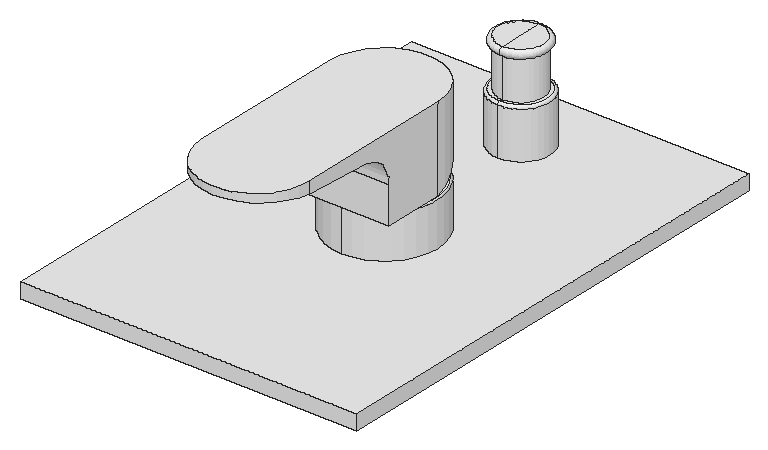
Revit family "Mixer-Bath Shower-Caroma Track with Diverter", category Plumbing Fixtures, host Face, Revit 2014
Parameters (values of type "Standard")
  Width_ANZRS = 58 mm  # constant formula
  Waste Connection = no
  WELSRating_ANZRS = ""
  Vent Connection = no
  URL = "http://specify.caroma.com.au/products/mixer-taps/track/track-bath-shower-mixer-with-diverter"
  Type Comments = "Caroma Track Bath/Shower Mixer with Diverter"  # constant formula
  ModifiedIssue_ANZRS = 20150112.01  # constant formula
  Model = "90204C"  # constant formula
  Material_ANZRS = Metal-Chrome-Caroma
  Manufacturer = "GWA Bathrooms & Kitchens"  # constant formula
  Length_ANZRS = 132 mm  # constant formula
  Height_ANZRS = 192 mm  # constant formula
  HWFU = 3
  HW Connection = yes
  Description = "New Track mixers and showers from Australia's leading bathroom brand will lift the feel of any bathroom. Choose the clean, contemporary European design without the European price."  # constant formula
  Default Elevation = 1000 mm
  CreatedBy_ANZRS = "Design Content"  # constant formula
  CreatedByURL_ANZRS = "http://www.designcontent.com.au"
  Cost = 0
  Connector Radius = 10 mm
  CWFU = 3
  CW Connection = yes
  Assembly Code = "C1030210"
Reference planes
  plane 1 "Center (Front/Back)": y = 0
  plane 2: z = 0
  plane 3 "Center (Left/Right)": x = 0
  plane 4 "Left": x = -66
  plane 5 "Right": x = 66
  plane 6 "Top": y = 96.003
  plane 7 "Bottom": y = -95.997
Forms (mm)
  Extrusion 1, solid, material "Metal-Chrome-Caroma" <- "Material_ANZRS"
    sketch origin (17.071, -2.929, 0) x (1, 0, 0) y (0, 1, 0)
      loop
        circle (-7.071, -7.071) r 10
    from -20 to 0
  Extrusion 2, solid, material "Metal-Chrome-Caroma" <- "Material_ANZRS"
    sketch origin (-17.071, -17.071, 0) x (-1, 0, 0) y (0, -1, 0)
      loop
        circle (-7.071, -7.071) r 10
    from -20 to 0
  Extrusion 3, solid, material "Metal-Chrome-Caroma" <- "Material_ANZRS"
    sketch origin (-17.071, 2.929, 0) x (-1, 0, 0) y (0, -1, 0)
      loop
        circle (-7.071, -7.071) r 10
    from -20 to 0
  Extrusion 4, solid, material "Metal-Chrome-Caroma" <- "Material_ANZRS"
    sketch origin (2.929, 2.929, 0) x (-1, 0, 0) y (0, -1, 0)
      loop
        circle (-7.071, -7.071) r 10
    from -20 to 0
  Revolve 5, solid, material "Metal-Chrome-Caroma" <- "Material_ANZRS"
    sketch origin (0, 0, 0) x (0, 1, 0) y (0, 0, 1)
      loop
        arc (75.966, 41.122) -> (77.466, 42.622) -> (75.966, 44.122) r 1.5
        line (75.966, 44.122) -> (66.987, 44.122) -> (66.987, 5.982) -> (78.358, 5.982) -> (78.358, 24.498)
        arc (78.358, 24.498) -> (78.065, 25.205) -> (77.358, 25.498) r 1
        line (77.358, 25.498) -> (75.966, 25.498) -> (75.966, 41.122)
      axis (66.987, 5.982) -> (66.987, 44.122)
    angle from 0 to 360
  Revolve 6, solid, material "Metal-Chrome-Caroma" <- "Material_ANZRS"
    sketch origin (0, 0, 0) x (0, 1, 0) y (0, 0, 1)
      loop
        line (0, 6) -> (20.95, 6) -> (20.95, 22.998)
        arc (20.95, 22.998) -> (20.803, 23.351) -> (20.45, 23.498) r 0.5
        line (20.45, 23.498) -> (18.466, 23.498)
        arc (18.466, 23.498) -> (17.035, 29.979) -> (13.24, 35.425) r 17.076
        line (13.24, 35.425) -> (0, 35.425) -> (0, 6)
      axis (0, 35.425) -> (0, 6)
    angle from 0 to 360
  Extrusion 7, void
    sketch origin (0, 0, -108.233) x (0, 1, 0) y (0, 0, 1)
      loop
        line (22.981, 143.315) -> (-1.037, 132.117) -> (22.981, 132.117) -> (22.981, 143.315)
      loop
        line (-23.997, 129.949) -> (-23.997, 147.279)
        arc (-23.997, 147.279) -> (-27.221, 155.463) -> (-35.16, 159.249) r 12
        line (-35.16, 159.249) -> (-85.742, 162.786) -> (-85.742, 129.949) -> (-23.997, 129.949)
    from -50 to 50
  Extrusion 8, solid, material "Metal-Chrome-Caroma" <- "Material_ANZRS"
    sketch origin (0, 0, 0) x (1, 0, 0) y (0, 1, 0)
      loop
        line (-66, 96.003) -> (-66, -95.997) -> (66, -95.997) -> (66, 96.003) -> (-66, 96.003)
    from 0 to 5.982
  Extrusion 9, solid, material "Metal-Chrome-Caroma" <- "Material_ANZRS"
    sketch origin (0, -0.019, -122.5) x (1, 0, 0) y (0, 1, 0)
      loop
        arc (-21, -62.979) -> (0, -83.979) -> (21, -62.979) r 21
        line (21, -62.979) -> (21, 0.019)
        arc (21, 0.019) -> (0, 21.019) -> (-21, 0.019) r 21
        line (-21, 0.019) -> (-21, -62.979)
    from 146.867 to 179.867
  Revolve 10, solid, material "Metal-Chrome-Caroma" <- "Material_ANZRS", detail levels fine
    sketch origin (0, 0, 0) x (0, 1, 0) y (0, 0, 1)
      loop
        line (-25.113, 39.398) -> (-24.002, 39.398) -> (-24.002, 43.404)
        arc (-24.002, 43.404) -> (-24.83, 41.476) -> (-25.113, 39.398) r 7.78
      axis (-25.113, 39.398) -> (-24.002, 39.398)
    angle from 0 to 360
Cuts and joins
  Extrusion 7 cuts Extrusion 9
  joined: Revolve 5, Revolve 6, Extrusion 8, Extrusion 9
Lines and regions (mm)
  Masking region 1
    outline origin (0, 0, 0) x (1, 0, 0) y (0, 1, 0)
      loop
        line (-66, 96.003) -> (-66, -95.997) -> (66, -95.997) -> (66, 96.003) -> (-66, 96.003)
  Masking region 2
    outline origin (0, 0, 0) x (0, 1, 0) y (0, 0, 1)
      loop
        line (-95.997, 0) -> (96.003, 0) -> (96.003, 5.982) -> (78.358, 5.982) -> (78.358, 24.498)
        arc (78.358, 24.498) -> (78.065, 25.205) -> (77.358, 25.498) r 1
        line (77.358, 25.498) -> (75.966, 25.498) -> (75.966, 41.122)
        arc (75.966, 41.122) -> (77.466, 42.622) -> (75.966, 44.122) r 1.5
        line (75.966, 44.122) -> (58.008, 44.122)
        arc (58.008, 44.122) -> (56.508, 42.622) -> (58.008, 41.122) r 1.5
        line (58.008, 41.122) -> (58.008, 25.498) -> (56.616, 25.498)
        arc (56.616, 25.498) -> (55.909, 25.205) -> (55.616, 24.498) r 1
        line (55.616, 24.498) -> (55.616, 5.982) -> (20.95, 5.982) -> (20.95, 22.998)
        arc (20.95, 22.998) -> (20.803, 23.351) -> (20.45, 23.498) r 0.5
        line (20.45, 23.498) -> (18.466, 23.498)
        arc (18.466, 23.498) -> (17.771, 27.823) -> (16.062, 31.856) r 18.186
        line (16.062, 31.856) -> (21, 34.159) -> (21, 57.367) -> (-83.998, 57.367) -> (-83.998, 54.431) -> (-35.16, 51.016)
        arc (-35.16, 51.016) -> (-27.221, 47.23) -> (-23.997, 39.046) r 12
        line (-23.997, 39.046) -> (-23.997, 24.367) -> (-18.411, 24.367)
        arc (-18.411, 24.367) -> (-18.444, 23.933) -> (-18.466, 23.498) r 18.186
        line (-18.466, 23.498) -> (-20.45, 23.498)
        arc (-20.45, 23.498) -> (-20.803, 23.351) -> (-20.95, 22.998) r 0.5
        line (-20.95, 22.998) -> (-20.95, 5.982) -> (-95.997, 5.982) -> (-95.997, 0)
  Masking region 3
    outline origin (0, 0, 0) x (1, 0, 0) y (0, 0, 1)
      loop
        line (-66, 0) -> (66, 0) -> (66, 5.982) -> (20.95, 5.982) -> (20.95, 22.998)
        arc (20.95, 22.998) -> (20.803, 23.351) -> (20.45, 23.498) r 0.5
        line (20.45, 23.498) -> (18.466, 23.498)
        arc (18.466, 23.498) -> (18.448, 23.933) -> (18.425, 24.367) r 41.799
        line (18.425, 24.367) -> (21, 24.367) -> (21, 57.367) -> (0, 57.367) -> (-21, 57.367) -> (-21, 24.367) -> (-18.425, 24.367)
        arc (-18.425, 24.367) -> (-18.448, 23.933) -> (-18.466, 23.498) r 41.799
        line (-18.466, 23.498) -> (-20.45, 23.498)
        arc (-20.45, 23.498) -> (-20.803, 23.351) -> (-20.95, 22.998) r 0.5
        line (-20.95, 22.998) -> (-20.95, 5.982) -> (-66, 5.982) -> (-66, 0)
  symbolic lines, style "Taps/Mixers"
    curve 1: line (-11.371, 0, 5.982) -> (-11.371, 0, 24.498)
    curve 2: line (11.371, 0, 5.982) -> (11.371, 0, 24.498)
    curve 3: line (10.371, 0, 25.498) -> (-10.371, 0, 25.498)
    curve 4: line (8.979, 0, 41.122) -> (8.979, 0, 25.498)
    curve 5: line (-8.979, 0, 41.122) -> (-8.979, 0, 25.498)
    curve 6: line (8.979, 0, 41.122) -> (-8.979, 0, 41.122)
    curve 7: arc (11.371, 0, 24.498) -> (11.078, 0, 25.205) -> (10.371, 0, 25.498) r 1
    curve 8: arc (-10.371, 0, 25.498) -> (-11.078, 0, 25.205) -> (-11.371, 0, 24.498) r 1
    curve 9: arc (8.979, 0, 41.122) -> (10.479, 0, 42.622) -> (8.979, 0, 44.122) r 1.5
    curve 10: line (8.979, 0, 44.122) -> (-8.979, 0, 44.122)
    curve 11: arc (-8.979, 0, 41.122) -> (-10.479, 0, 42.622) -> (-8.979, 0, 44.122) r 1.5
    curve 12: circle (0, 66.987, 0) r 10.476 normal (0, 0, 1)
    curve 13: circle (0, 66.987, 0) r 11.371 normal (0, 0, 1)
    curve 14: line (-21, 0, 0) -> (-21, -62.998, 0)
    curve 15: arc (21, 0, 0) -> (0, 21, 0) -> (-21, 0, 0) r 21
    curve 16: line (21, -62.998, 0) -> (21, 0, 0)
    curve 17: arc (-21, -62.998, 0) -> (0, -83.998, 0) -> (21, -62.998, 0) r 21
    curve 18: line (0, 75.966, 25.498) -> (0, 58.008, 25.498)
    curve 19: line (0, 75.966, 41.122) -> (0, 58.008, 41.122)
    curve 20: line (0, 78.358, 5.982) -> (0, 55.616, 5.982)
    curve 21: line (0, 16.062, 31.856) -> (0, 0, 24.367)
    curve 22: line (0, 0, 24.367) -> (0, -18.411, 24.367)
    curve 23: line (0, 18.466, 23.498) -> (0, -18.466, 23.498)
    curve 24: line (0, 20.95, 5.982) -> (0, -20.95, 5.982)
    curve 25: line (20.95, 0, 5.982) -> (-20.95, 0, 5.982)
    curve 26: line (11.371, 0, 23.498) -> (18.466, 0, 23.498)
    curve 27: line (21, 0, 24.367) -> (18.431, 0, 24.367)
    curve 28: spline (8.979, 0, 30.885) -> (10.324, 0, 30.537) -> (11.593, 0, 30.142) -> (12.777, 0, 29.703) -> (13.867, 0, 29.223) -> (14.856, 0, 28.704) -> (15.737, 0, 28.152) -> (16.501, 0, 27.57) -> (17.146, 0, 26.962) -> (17.664, 0, 26.333) -> (18.053, 0, 25.688) -> (18.309, 0, 25.031) -> (18.431, 0, 24.367)
    curve 29: spline (21, 0, 24.367) -> (20.907, 0, 25.286) -> (20.629, 0, 26.197) -> (20.169, 0, 27.091) -> (19.53, 0, 27.961) -> (18.719, 0, 28.8) -> (17.742, 0, 29.599) -> (16.608, 0, 30.352) -> (15.328, 0, 31.052) -> (13.911, 0, 31.693) -> (12.372, 0, 32.269) -> (10.723, 0, 32.776) -> (8.979, 0, 33.208)
    curve 30: spline (-8.979, 0, 33.208) -> (-10.723, 0, 32.776) -> (-12.372, 0, 32.269) -> (-13.911, 0, 31.693) -> (-15.328, 0, 31.052) -> (-16.608, 0, 30.352) -> (-17.742, 0, 29.599) -> (-18.719, 0, 28.8) -> (-19.53, 0, 27.961) -> (-20.169, 0, 27.091) -> (-20.629, 0, 26.197) -> (-20.907, 0, 25.286) -> (-21, 0, 24.367)
    curve 31: line (-11.371, 0, 23.498) -> (-18.466, 0, 23.498)
    curve 32: line (-21, 0, 24.367) -> (-18.431, 0, 24.367)
    curve 33: spline (-8.979, 0, 30.885) -> (-10.324, 0, 30.537) -> (-11.593, 0, 30.142) -> (-12.777, 0, 29.703) -> (-13.867, 0, 29.223) -> (-14.856, 0, 28.704) -> (-15.737, 0, 28.152) -> (-16.501, 0, 27.57) -> (-17.146, 0, 26.962) -> (-17.664, 0, 26.333) -> (-18.053, 0, 25.688) -> (-18.309, 0, 25.031) -> (-18.431, 0, 24.367)
Dimensions and locks
  aligned and locked: plane 2 to host face
  aligned and locked: level to host face
Connectors
  piping at (10, -10, -20), diameter 20, driven by "Connector Radius", driven by "CWFU"
    settings: on Extrusion 1, index 3, connector inside diameter 0.7874", connector length 0 mm, flow factor 0, pipe flow 0 GPM, pressure drop 0.00 psi, fitting loss kfactor 0, connector angle 0.00°, fixture units 3, engagement length 0 mm, angle of deflection 0.00°, flow configuration 3, flow direction 1, fitting loss method 101, system type 20, joint type 0, gender type 0, connector reference index -1, connector utility 0, adjustable connector no, is connector primary yes, connector description "Cold Inlet"
  piping at (-10, -10, -20), diameter 20, driven by "Connector Radius", driven by "HWFU"
    settings: on Extrusion 2, index 4, connector inside diameter 0.7874", connector length 0 mm, flow factor 0, pipe flow 0 GPM, pressure drop 0.00 psi, fitting loss kfactor 0, connector angle 0.00°, fixture units 3, engagement length 0 mm, angle of deflection 0.00°, flow configuration 3, flow direction 1, fitting loss method 101, system type 19, joint type 0, gender type 0, connector reference index -1, connector utility 0, adjustable connector no, is connector primary no, connector description "Hot Inlet"
  piping at (-10, 10, -20), diameter 20, driven by "HWFU", driven by "Connector Radius"
    settings: on Extrusion 3, index 5, connector inside diameter 0.7874", connector length 0 mm, flow factor 0, pipe flow 0 GPM, pressure drop 0.00 psi, fitting loss kfactor 0, connector angle 0.00°, fixture units 3, engagement length 0 mm, angle of deflection 0.00°, flow configuration 3, flow direction 2, fitting loss method 101, system type 19, joint type 0, gender type 0, connector reference index -1, connector utility 0, adjustable connector no, is connector primary no, connector description "Diverter Outlet"
  piping at (10, 10, -20), diameter 20, driven by "Connector Radius", driven by "HWFU"
    settings: on Extrusion 4, index 6, connector inside diameter 0.7874", connector length 0 mm, flow factor 0, pipe flow 0 GPM, pressure drop 0.00 psi, fitting loss kfactor 0, connector angle 0.00°, fixture units 3, engagement length 0 mm, angle of deflection 0.00°, flow configuration 3, flow direction 2, fitting loss method 101, system type 19, joint type 0, gender type 0, connector reference index -1, connector utility 0, adjustable connector no, is connector primary no, connector description "Bath Outlet"
